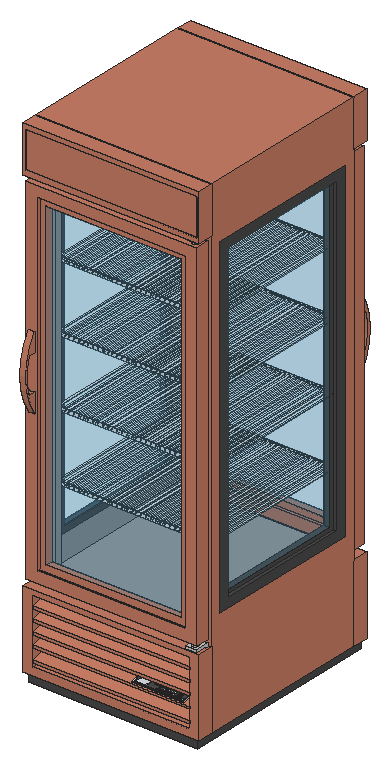
Revit family "QF_TRUE_G4SM-23PT-HC~TSL01", category Specialty Equipment, Revit 2016 (continued)
Definition of nested family "G4SM-23PT-HC-TSL01"
  Forms (in)
    Extrusion 41, solid
      sketch origin (25.36862, 5.37817, 27.2823) x (-1, 0, 0) y (0, 0, 1)
        loop
          line (12.64714, -0.14812) -> (12.0901, -0.14812) -> (12.0901, -0.35188) -> (12.64714, -0.35188) -> (12.64714, -0.14812)
        loop
          line (13.39714, -0.14812) -> (12.8401, -0.14812) -> (12.8401, -0.35188) -> (13.39714, -0.35188) -> (13.39714, -0.14812)
        loop
          line (14.14714, -0.14812) -> (13.5901, -0.14812) -> (13.5901, -0.35188) -> (14.14714, -0.35188) -> (14.14714, -0.14812)
        loop
          line (14.89714, -0.14812) -> (14.3401, -0.14812) -> (14.3401, -0.35188) -> (14.89714, -0.35188) -> (14.89714, -0.14812)
        loop
          line (15.64714, -0.14812) -> (15.0901, -0.14812) -> (15.0901, -0.35188) -> (15.64714, -0.35188) -> (15.64714, -0.14812)
        loop
          line (16.39714, -0.14812) -> (15.8401, -0.14812) -> (15.8401, -0.35188) -> (16.39714, -0.35188) -> (16.39714, -0.14812)
        loop
          line (17.14714, -0.14812) -> (16.5901, -0.14812) -> (16.5901, -0.35188) -> (17.14714, -0.35188) -> (17.14714, -0.14812)
        loop
          line (17.89714, -0.14812) -> (17.3401, -0.14812) -> (17.3401, -0.35188) -> (17.89714, -0.35188) -> (17.89714, -0.14812)
        loop
          line (18.64714, -0.14812) -> (18.0901, -0.14812) -> (18.0901, -0.35188) -> (18.64714, -0.35188) -> (18.64714, -0.14812)
        loop
          line (19.39714, -0.14812) -> (18.8401, -0.14812) -> (18.8401, -0.35188) -> (19.39714, -0.35188) -> (19.39714, -0.14812)
        loop
          line (20.14714, -0.14812) -> (19.5901, -0.14812) -> (19.5901, -0.35188) -> (20.14714, -0.35188) -> (20.14714, -0.14812)
        loop
          line (20.89714, -0.14812) -> (20.3401, -0.14812) -> (20.3401, -0.35188) -> (20.89714, -0.35188) -> (20.89714, -0.14812)
        loop
          line (21.64714, -0.14812) -> (21.0901, -0.14812) -> (21.0901, -0.35188) -> (21.64714, -0.35188) -> (21.64714, -0.14812)
        loop
          line (22.39714, -0.14812) -> (21.8401, -0.14812) -> (21.8401, -0.35188) -> (22.39714, -0.35188) -> (22.39714, -0.14812)
        loop
          line (23.14714, -0.14812) -> (22.5901, -0.14812) -> (22.5901, -0.35188) -> (23.14714, -0.35188) -> (23.14714, -0.14812)
        loop
          line (11.3401, -0.14812) -> (11.3401, -0.35188) -> (11.89714, -0.35188) -> (11.89714, -0.14812) -> (11.3401, -0.14812)
        loop
          line (10.5901, -0.14812) -> (10.5901, -0.35188) -> (11.14714, -0.35188) -> (11.14714, -0.14812) -> (10.5901, -0.14812)
        loop
          line (9.8401, -0.14812) -> (9.8401, -0.35188) -> (10.39714, -0.35188) -> (10.39714, -0.14812) -> (9.8401, -0.14812)
        loop
          line (9.0901, -0.14812) -> (9.0901, -0.35188) -> (9.64714, -0.35188) -> (9.64714, -0.14812) -> (9.0901, -0.14812)
        loop
          line (8.3401, -0.14812) -> (8.3401, -0.35188) -> (8.89714, -0.35188) -> (8.89714, -0.14812) -> (8.3401, -0.14812)
        loop
          line (7.5901, -0.14812) -> (7.5901, -0.35188) -> (8.14714, -0.35188) -> (8.14714, -0.14812) -> (7.5901, -0.14812)
        loop
          line (6.8401, -0.14812) -> (6.8401, -0.35188) -> (7.39714, -0.35188) -> (7.39714, -0.14812) -> (6.8401, -0.14812)
        loop
          line (6.0901, -0.14812) -> (6.0901, -0.35188) -> (6.64714, -0.35188) -> (6.64714, -0.14812) -> (6.0901, -0.14812)
        loop
          line (5.3401, -0.14812) -> (5.3401, -0.35188) -> (5.89714, -0.35188) -> (5.89714, -0.14812) -> (5.3401, -0.14812)
        loop
          line (4.5901, -0.14812) -> (4.5901, -0.35188) -> (5.14714, -0.35188) -> (5.14714, -0.14812) -> (4.5901, -0.14812)
        loop
          line (3.8401, -0.14812) -> (3.8401, -0.35188) -> (4.39714, -0.35188) -> (4.39714, -0.14812) -> (3.8401, -0.14812)
        loop
          line (3.0901, -0.14812) -> (3.0901, -0.35188) -> (3.64714, -0.35188) -> (3.64714, -0.14812) -> (3.0901, -0.14812)
        loop
          line (2.3401, -0.14812) -> (2.3401, -0.35188) -> (2.89714, -0.35188) -> (2.89714, -0.14812) -> (2.3401, -0.14812)
        loop
          line (1.5901, -0.14812) -> (1.5901, -0.35188) -> (2.14714, -0.35188) -> (2.14714, -0.14812) -> (1.5901, -0.14812)
        loop
          line (1.39714, -0.14812) -> (0.8401, -0.14812) -> (0.8401, -0.35188) -> (1.39714, -0.35188) -> (1.39714, -0.14812)
        loop
          line (0.64714, -0.14812) -> (0.0901, -0.14812) -> (0.0901, -0.35188) -> (0.64714, -0.35188) -> (0.64714, -0.14812)
      from 0 to -0.125
    Extrusion 42, solid
      sketch origin (1.99362, -18.69067, -24.42976) x (-1, 0, 0) y (0, 0, 1)
        loop
          circle (-10.99714, 51.38331) r 0.125
        loop
          circle (-10.24714, 51.38331) r 0.125
        loop
          circle (-9.49714, 51.38331) r 0.125
        loop
          circle (-8.74714, 51.38331) r 0.125
        loop
          circle (-7.99714, 51.38331) r 0.125
        loop
          circle (-7.24714, 51.38331) r 0.125
        loop
          circle (-6.49714, 51.38331) r 0.125
        loop
          circle (-5.74714, 51.38331) r 0.125
        loop
          circle (-4.99714, 51.38331) r 0.125
        loop
          circle (-4.24714, 51.38331) r 0.125
        loop
          circle (-3.49714, 51.38331) r 0.125
        loop
          circle (-2.74714, 51.38331) r 0.125
        loop
          circle (-1.99714, 51.38331) r 0.125
        loop
          circle (-1.24714, 51.38331) r 0.125
        loop
          circle (-0.49714, 51.38331) r 0.125
        loop
          circle (-11.75638, 51.38331) r 0.125
        loop
          circle (-12.50638, 51.38331) r 0.125
        loop
          circle (-13.25638, 51.38331) r 0.125
        loop
          circle (-14.00638, 51.38331) r 0.125
        loop
          circle (-14.75638, 51.38331) r 0.125
        loop
          circle (-15.50638, 51.38331) r 0.125
        loop
          circle (-16.25638, 51.38331) r 0.125
        loop
          circle (-17.00638, 51.38331) r 0.125
        loop
          circle (-17.75638, 51.38331) r 0.125
        loop
          circle (-18.50638, 51.38331) r 0.125
        loop
          circle (-19.25638, 51.38331) r 0.125
        loop
          circle (-20.00638, 51.38331) r 0.125
        loop
          circle (-20.75638, 51.38331) r 0.125
        loop
          circle (-21.50638, 51.38331) r 0.125
        loop
          circle (0.375, 51.38331) r 0.125
        loop
          circle (-22.30501, 51.38331) r 0.125
        loop
          circle (-23.01563, 51.38331) r 0.125
        loop
          circle (-23.88776, 51.38331) r 0.125
      from 0.125 to 23.94067
    Extrusion 43, solid
      sketch origin (1.99362, -18.69067, 6.97964) x (-1, 0, 0) y (0, 0, 1)
        loop
          line (0.5, 51.21206) -> (0.5, 51.71206) -> (-24.01276, 51.71206) -> (-24.01276, 51.21206) -> (0.5, 51.21206)
        loop
          line (-10.72786, 51.56394) -> (-11.2849, 51.56394) -> (-11.2849, 51.36019) -> (-10.72786, 51.36019) -> (-10.72786, 51.56394)
        loop
          line (-9.97786, 51.56394) -> (-10.5349, 51.56394) -> (-10.5349, 51.36019) -> (-9.97786, 51.36019) -> (-9.97786, 51.56394)
        loop
          line (-9.22786, 51.56394) -> (-9.7849, 51.56394) -> (-9.7849, 51.36019) -> (-9.22786, 51.36019) -> (-9.22786, 51.56394)
        loop
          line (-8.47786, 51.56394) -> (-9.0349, 51.56394) -> (-9.0349, 51.36019) -> (-8.47786, 51.36019) -> (-8.47786, 51.56394)
        loop
          line (-7.72786, 51.56394) -> (-8.2849, 51.56394) -> (-8.2849, 51.36019) -> (-7.72786, 51.36019) -> (-7.72786, 51.56394)
        loop
          line (-6.97786, 51.56394) -> (-7.5349, 51.56394) -> (-7.5349, 51.36019) -> (-6.97786, 51.36019) -> (-6.97786, 51.56394)
        loop
          line (-6.22786, 51.56394) -> (-6.7849, 51.56394) -> (-6.7849, 51.36019) -> (-6.22786, 51.36019) -> (-6.22786, 51.56394)
        loop
          line (-5.47786, 51.56394) -> (-6.0349, 51.56394) -> (-6.0349, 51.36019) -> (-5.47786, 51.36019) -> (-5.47786, 51.56394)
        loop
          line (-4.72786, 51.56394) -> (-5.2849, 51.56394) -> (-5.2849, 51.36019) -> (-4.72786, 51.36019) -> (-4.72786, 51.56394)
        loop
          line (-3.97786, 51.56394) -> (-4.5349, 51.56394) -> (-4.5349, 51.36019) -> (-3.97786, 51.36019) -> (-3.97786, 51.56394)
        loop
          line (-3.22786, 51.56394) -> (-3.7849, 51.56394) -> (-3.7849, 51.36019) -> (-3.22786, 51.36019) -> (-3.22786, 51.56394)
        loop
          line (-2.47786, 51.56394) -> (-3.0349, 51.56394) -> (-3.0349, 51.36019) -> (-2.47786, 51.36019) -> (-2.47786, 51.56394)
        loop
          line (-1.72786, 51.56394) -> (-2.2849, 51.56394) -> (-2.2849, 51.36019) -> (-1.72786, 51.36019) -> (-1.72786, 51.56394)
        loop
          line (-0.97786, 51.56394) -> (-1.5349, 51.56394) -> (-1.5349, 51.36019) -> (-0.97786, 51.36019) -> (-0.97786, 51.56394)
        loop
          line (-0.22786, 51.56394) -> (-0.7849, 51.56394) -> (-0.7849, 51.36019) -> (-0.22786, 51.36019) -> (-0.22786, 51.56394)
        loop
          line (-12.0349, 51.56394) -> (-12.0349, 51.36019) -> (-11.47786, 51.36019) -> (-11.47786, 51.56394) -> (-12.0349, 51.56394)
        loop
          line (-12.7849, 51.56394) -> (-12.7849, 51.36019) -> (-12.22786, 51.36019) -> (-12.22786, 51.56394) -> (-12.7849, 51.56394)
        loop
          line (-13.5349, 51.56394) -> (-13.5349, 51.36019) -> (-12.97786, 51.36019) -> (-12.97786, 51.56394) -> (-13.5349, 51.56394)
        loop
          line (-14.2849, 51.56394) -> (-14.2849, 51.36019) -> (-13.72786, 51.36019) -> (-13.72786, 51.56394) -> (-14.2849, 51.56394)
        loop
          line (-15.0349, 51.56394) -> (-15.0349, 51.36019) -> (-14.47786, 51.36019) -> (-14.47786, 51.56394) -> (-15.0349, 51.56394)
        loop
          line (-15.7849, 51.56394) -> (-15.7849, 51.36019) -> (-15.22786, 51.36019) -> (-15.22786, 51.56394) -> (-15.7849, 51.56394)
        loop
          line (-16.5349, 51.56394) -> (-16.5349, 51.36019) -> (-15.97786, 51.36019) -> (-15.97786, 51.56394) -> (-16.5349, 51.56394)
        loop
          line (-17.2849, 51.56394) -> (-17.2849, 51.36019) -> (-16.72786, 51.36019) -> (-16.72786, 51.56394) -> (-17.2849, 51.56394)
        loop
          line (-18.0349, 51.56394) -> (-18.0349, 51.36019) -> (-17.47786, 51.36019) -> (-17.47786, 51.56394) -> (-18.0349, 51.56394)
        loop
          line (-18.7849, 51.56394) -> (-18.7849, 51.36019) -> (-18.22786, 51.36019) -> (-18.22786, 51.56394) -> (-18.7849, 51.56394)
        loop
          line (-19.5349, 51.56394) -> (-19.5349, 51.36019) -> (-18.97786, 51.36019) -> (-18.97786, 51.56394) -> (-19.5349, 51.56394)
        loop
          line (-20.2849, 51.56394) -> (-20.2849, 51.36019) -> (-19.72786, 51.36019) -> (-19.72786, 51.56394) -> (-20.2849, 51.56394)
        loop
          line (-21.0349, 51.56394) -> (-21.0349, 51.36019) -> (-20.47786, 51.36019) -> (-20.47786, 51.56394) -> (-21.0349, 51.56394)
        loop
          line (-21.7849, 51.56394) -> (-21.7849, 51.36019) -> (-21.22786, 51.36019) -> (-21.22786, 51.56394) -> (-21.7849, 51.56394)
        loop
          line (-22.5349, 51.56394) -> (-22.5349, 51.36019) -> (-21.97786, 51.36019) -> (-21.97786, 51.56394) -> (-22.5349, 51.56394)
        loop
          line (-23.2849, 51.56394) -> (-23.2849, 51.36019) -> (-22.72786, 51.36019) -> (-22.72786, 51.56394) -> (-23.2849, 51.56394)
      from 0 to 0.125
    Extrusion 44, solid
      sketch origin (25.36862, 5.37817, 58.6917) x (-1, 0, 0) y (0, 0, 1)
        loop
          line (23.875, -0.5) -> (23.875, 0) -> (-0.63776, 0) -> (-0.63776, -0.5) -> (23.875, -0.5)
        loop
          line (12.64714, -0.14812) -> (12.0901, -0.14812) -> (12.0901, -0.35188) -> (12.64714, -0.35188) -> (12.64714, -0.14812)
        loop
          line (13.39714, -0.14812) -> (12.8401, -0.14812) -> (12.8401, -0.35188) -> (13.39714, -0.35188) -> (13.39714, -0.14812)
        loop
          line (14.14714, -0.14812) -> (13.5901, -0.14812) -> (13.5901, -0.35188) -> (14.14714, -0.35188) -> (14.14714, -0.14812)
        loop
          line (14.89714, -0.14812) -> (14.3401, -0.14812) -> (14.3401, -0.35188) -> (14.89714, -0.35188) -> (14.89714, -0.14812)
        loop
          line (15.64714, -0.14812) -> (15.0901, -0.14812) -> (15.0901, -0.35188) -> (15.64714, -0.35188) -> (15.64714, -0.14812)
        loop
          line (16.39714, -0.14812) -> (15.8401, -0.14812) -> (15.8401, -0.35188) -> (16.39714, -0.35188) -> (16.39714, -0.14812)
        loop
          line (17.14714, -0.14812) -> (16.5901, -0.14812) -> (16.5901, -0.35188) -> (17.14714, -0.35188) -> (17.14714, -0.14812)
        loop
          line (17.89714, -0.14812) -> (17.3401, -0.14812) -> (17.3401, -0.35188) -> (17.89714, -0.35188) -> (17.89714, -0.14812)
        loop
          line (18.64714, -0.14812) -> (18.0901, -0.14812) -> (18.0901, -0.35188) -> (18.64714, -0.35188) -> (18.64714, -0.14812)
        loop
          line (19.39714, -0.14812) -> (18.8401, -0.14812) -> (18.8401, -0.35188) -> (19.39714, -0.35188) -> (19.39714, -0.14812)
        loop
          line (20.14714, -0.14812) -> (19.5901, -0.14812) -> (19.5901, -0.35188) -> (20.14714, -0.35188) -> (20.14714, -0.14812)
        loop
          line (20.89714, -0.14812) -> (20.3401, -0.14812) -> (20.3401, -0.35188) -> (20.89714, -0.35188) -> (20.89714, -0.14812)
        loop
          line (21.64714, -0.14812) -> (21.0901, -0.14812) -> (21.0901, -0.35188) -> (21.64714, -0.35188) -> (21.64714, -0.14812)
        loop
          line (22.39714, -0.14812) -> (21.8401, -0.14812) -> (21.8401, -0.35188) -> (22.39714, -0.35188) -> (22.39714, -0.14812)
        loop
          line (23.14714, -0.14812) -> (22.5901, -0.14812) -> (22.5901, -0.35188) -> (23.14714, -0.35188) -> (23.14714, -0.14812)
        loop
          line (11.3401, -0.14812) -> (11.3401, -0.35188) -> (11.89714, -0.35188) -> (11.89714, -0.14812) -> (11.3401, -0.14812)
        loop
          line (10.5901, -0.14812) -> (10.5901, -0.35188) -> (11.14714, -0.35188) -> (11.14714, -0.14812) -> (10.5901, -0.14812)
        loop
          line (9.8401, -0.14812) -> (9.8401, -0.35188) -> (10.39714, -0.35188) -> (10.39714, -0.14812) -> (9.8401, -0.14812)
        loop
          line (9.0901, -0.14812) -> (9.0901, -0.35188) -> (9.64714, -0.35188) -> (9.64714, -0.14812) -> (9.0901, -0.14812)
        loop
          line (8.3401, -0.14812) -> (8.3401, -0.35188) -> (8.89714, -0.35188) -> (8.89714, -0.14812) -> (8.3401, -0.14812)
        loop
          line (7.5901, -0.14812) -> (7.5901, -0.35188) -> (8.14714, -0.35188) -> (8.14714, -0.14812) -> (7.5901, -0.14812)
        loop
          line (6.8401, -0.14812) -> (6.8401, -0.35188) -> (7.39714, -0.35188) -> (7.39714, -0.14812) -> (6.8401, -0.14812)
        loop
          line (6.0901, -0.14812) -> (6.0901, -0.35188) -> (6.64714, -0.35188) -> (6.64714, -0.14812) -> (6.0901, -0.14812)
        loop
          line (5.3401, -0.14812) -> (5.3401, -0.35188) -> (5.89714, -0.35188) -> (5.89714, -0.14812) -> (5.3401, -0.14812)
        loop
          line (4.5901, -0.14812) -> (4.5901, -0.35188) -> (5.14714, -0.35188) -> (5.14714, -0.14812) -> (4.5901, -0.14812)
        loop
          line (3.8401, -0.14812) -> (3.8401, -0.35188) -> (4.39714, -0.35188) -> (4.39714, -0.14812) -> (3.8401, -0.14812)
        loop
          line (3.0901, -0.14812) -> (3.0901, -0.35188) -> (3.64714, -0.35188) -> (3.64714, -0.14812) -> (3.0901, -0.14812)
        loop
          line (2.3401, -0.14812) -> (2.3401, -0.35188) -> (2.89714, -0.35188) -> (2.89714, -0.14812) -> (2.3401, -0.14812)
        loop
          line (1.5901, -0.14812) -> (1.5901, -0.35188) -> (2.14714, -0.35188) -> (2.14714, -0.14812) -> (1.5901, -0.14812)
        loop
          line (1.39714, -0.14812) -> (0.8401, -0.14812) -> (0.8401, -0.35188) -> (1.39714, -0.35188) -> (1.39714, -0.14812)
        loop
          line (0.64714, -0.14812) -> (0.0901, -0.14812) -> (0.0901, -0.35188) -> (0.64714, -0.35188) -> (0.64714, -0.14812)
      from 0 to -0.125
    Extrusion 45, solid
      sketch origin (1.99362, -18.69067, 6.97964) x (-1, 0, 0) y (0, 0, 1)
        loop
          circle (-10.99714, 51.38331) r 0.125
        loop
          circle (-10.24714, 51.38331) r 0.125
        loop
          circle (-9.49714, 51.38331) r 0.125
        loop
          circle (-8.74714, 51.38331) r 0.125
        loop
          circle (-7.99714, 51.38331) r 0.125
        loop
          circle (-7.24714, 51.38331) r 0.125
        loop
          circle (-6.49714, 51.38331) r 0.125
        loop
          circle (-5.74714, 51.38331) r 0.125
        loop
          circle (-4.99714, 51.38331) r 0.125
        loop
          circle (-4.24714, 51.38331) r 0.125
        loop
          circle (-3.49714, 51.38331) r 0.125
        loop
          circle (-2.74714, 51.38331) r 0.125
        loop
          circle (-1.99714, 51.38331) r 0.125
        loop
          circle (-1.24714, 51.38331) r 0.125
        loop
          circle (-0.49714, 51.38331) r 0.125
        loop
          circle (-11.75638, 51.38331) r 0.125
        loop
          circle (-12.50638, 51.38331) r 0.125
        loop
          circle (-13.25638, 51.38331) r 0.125
        loop
          circle (-14.00638, 51.38331) r 0.125
        loop
          circle (-14.75638, 51.38331) r 0.125
        loop
          circle (-15.50638, 51.38331) r 0.125
        loop
          circle (-16.25638, 51.38331) r 0.125
        loop
          circle (-17.00638, 51.38331) r 0.125
        loop
          circle (-17.75638, 51.38331) r 0.125
        loop
          circle (-18.50638, 51.38331) r 0.125
        loop
          circle (-19.25638, 51.38331) r 0.125
        loop
          circle (-20.00638, 51.38331) r 0.125
        loop
          circle (-20.75638, 51.38331) r 0.125
        loop
          circle (-21.50638, 51.38331) r 0.125
        loop
          circle (0.375, 51.38331) r 0.125
        loop
          circle (-22.30501, 51.38331) r 0.125
        loop
          circle (-23.01563, 51.38331) r 0.125
        loop
          circle (-23.88776, 51.38331) r 0.125
      from 0.125 to 23.94067
    Extrusion 46, solid, material <- "Body Finish"
      sketch origin (0, 7.21875, 0) x (1, 0, 0) y (0, 0, -1)
        loop
          line (27.5, -1.6875) -> (0, -1.6875) -> (0, -13.75) -> (27.5, -13.75) -> (27.5, -1.6875)
        loop
          line (0.375, -72.12512) -> (0.375, -77.875) -> (27.125, -77.875) -> (27.125, -72.12512) -> (0.375, -72.12512)
        loop
          line (27.5, -71.37512) -> (0, -71.37512) -> (0, -78.625) -> (27.5, -78.625) -> (27.5, -71.37512)
      from 0 to 2.5
    Extrusion 47, solid, material <- "Body Finish"
      sketch origin (-25.125, 10.84375, -0.71875) x (1, 0, 0) y (0, 0, 1)
        loop
          line (25.5, 71.38048) -> (25.5, 15.53125) -> (52.25, 15.53125) -> (52.25, 71.38048) -> (25.5, 71.38048)
        loop
          line (27.25, 69.63048) -> (27.25, 17.28125) -> (50.5, 17.28125) -> (50.5, 69.63048) -> (27.25, 69.63048)
      from 31.641 to 33.75
    Extrusion 48, solid
      sketch origin (-25.125, -24.15625, -0.71875) x (1, 0, 0) y (0, 0, -1)
        loop
          line (25.5, -78.59375) -> (52.25, -78.59375) -> (52.25, -72.84387) -> (25.5, -72.84387) -> (25.5, -78.59375)
      from 31.641 to 33.75
    Extrusion 49, solid, material <- "Body Finish"
      sketch origin (-25.125, -24.15625, -0.71875) x (1, 0, 0) y (0, 0, -1)
        loop
          line (25.5, -71.38048) -> (52.25, -71.38048) -> (52.25, -15.53125) -> (25.5, -15.53125) -> (25.5, -71.38048)
        loop
          line (27.25, -69.63048) -> (50.5, -69.63048) -> (50.5, -17.28125) -> (27.25, -17.28125) -> (27.25, -69.63048)
      from 31.641 to 33.75
  Cuts and joins
    Extrusion 12 cuts Extrusion 3
  Lines and regions (in)
    sketch lines
      curve 1: line (26.1875, -18.03125, 18.91173) -> (26.1875, 4.25, 18.91173)
      curve 2: line (26.1875, 4.25, 68.91173) -> (26.1875, -18.03125, 68.91173)
      curve 3: line (26.1875, -18.03125, 68.91173) -> (26.1875, -18.03125, 18.91173)
      curve 4: line (26.1875, 4.25, 18.91173) -> (26.1875, 4.25, 68.91173)
      curve 5: line (1.3125, -18.03125, 18.91173) -> (1.3125, 4.25, 18.91173)
      curve 6: line (1.3125, 4.25, 68.91173) -> (1.3125, -18.03125, 68.91173)
      curve 7: line (1.3125, -18.03125, 68.91173) -> (1.3125, -18.03125, 18.91173)
      curve 8: line (1.3125, 4.25, 18.91173) -> (1.3125, 4.25, 68.91173)
    symbolic lines
      curve 9: line (27.5, 9.59936, 0) -> (27.5, -23.03125, 0)
      curve 10: line (27.5, -23.03125, 0) -> (0.00028, -23.03125, 0)
      curve 11: line (0, -22.91186, 0) -> (0, 9.71875, 0)
      curve 12: line (27.5, -20.53125, 0) -> (0, -20.53125, 0)
      curve 13: line (27.5, 5.25, 0) -> (27.625, 5.25, 0)
      curve 14: line (27.625, 5.25, 0) -> (27.625, -19.03125, 0)
      curve 15: line (27.625, -19.03125, 0) -> (27.5, -19.03125, 0)
      curve 16: line (0, -19.03125, 0) -> (-0.125, -19.03125, 0)
      curve 17: line (-0.125, -19.03125, 0) -> (-0.125, 5.25, 0)
      curve 18: line (-0.125, 5.25, 0) -> (0, 5.25, 0)
      curve 19: line (0, 7.21875, 0) -> (27.5, 7.21875, 0)
      curve 20: line (0, 9.71875, 0) -> (27.49972, 9.71875, 0)
      curve 21: line (0.82942, -24.65635, 0) -> (0.82942, -23.03125, 0)
      curve 22: line (0.82942, -24.65635, 0) -> (1.67618, -24.65635, 0)
      curve 23: line (1.67618, -24.65635, 0) -> (1.67618, -23.03125, 0)
      curve 24: line (26.6703, 11.34385, 0) -> (26.6703, 9.71875, 0)
      curve 25: line (26.6703, 11.34385, 0) -> (25.82354, 11.34385, 0)
      curve 26: line (25.82354, 11.34385, 0) -> (25.82354, 9.71875, 0)
      curve 27: line (27.125, -23.03125, 0) -> (4.63822, -36.014, 0)
      curve 28: arc (0.375, -22.90625, 0) -> (1.63575, -29.74336, 0) -> (4.63822, -36.014, 0) r 26.39092
      curve 29: line (0.375, 9.71875, 0) -> (22.86178, 22.7015, 0)
      curve 30: arc (27.125, 9.59375, 0) -> (25.86425, 16.43086, 0) -> (22.86178, 22.7015, 0) r 26.39092
  Dimensions and locks (in)
    plane 7 "Top" to level = 78 5/8"  (x3)
    plane 4 "RIGHT" to plane 3 "LEFT" = 27 1/2"  (x2)
    plane 5 "FRONT" to plane 1 "BACK" = 34 3/8"
    plane 2 to plane 7 "Top" = 78 5/8"
    plane 1 "BACK" to plane 9 = 32 3/4"
    plane 9 to plane 1 "BACK" = 32 3/4"  (x2)
    plane 1 "BACK" to plane 5 "FRONT" = 34 3/8"
    Extrusion 7 to level = 5/16"
    Extrusion 8 to Extrusion 7 = 1 3/8"
    plane 3 "LEFT" to plane 4 "RIGHT" = 27 1/2"
    equal spacing: plane 1 "BACK", plane 10, plane 9
    plane 5 "FRONT" to plane 11 = 36"
    equal spacing: plane 3 "LEFT", plane 12, plane 4 "RIGHT"
    plane 19 to plane 9 = 24 15/16"
    plane 20 to plane 1 "BACK" = 24 15/16"
    plane 20 to plane 19 = 82 5/8"
    aligned and locked: level to plane 2
    aligned: Extrusion 4 to Extrusion 2  (x5)
    aligned: Extrusion 4 sketch curve to Extrusion 2
    aligned: Extrusion 4 sketch curve to Extrusion 11
    aligned and locked: Extrusion 4 sketch curve to Extrusion 11  (x3)
    aligned: Extrusion 7 to level
    aligned and locked: cut or joined group of Extrusion 3, Extrusion 12 to Extrusion 8
    aligned: Extrusion 18 sketch curve to Extrusion 21
    aligned and locked: Extrusion 18 sketch curve to Extrusion 21  (x3)
  Automatic sketch dimensions
    plane 14 to Extrusion 32 sketch curve = 13.07526"
    Extrusion 32 sketch curve to Extrusion 32 sketch curve = 1.47786"
    Extrusion 32 sketch curve to Extrusion 32 sketch curve = 0.55703"  (x28)
    Extrusion 32 sketch curve to Extrusion 32 sketch curve = 0.19297"  (x30)
    plane 14 to Extrusion 32 sketch curve = 0.54036"
    Extrusion 32 sketch curve to plane 14 = 0.20964"
    Extrusion 32 sketch curve to Extrusion 32 sketch curve = 0.72786"  (x2)
    Extrusion 32 sketch curve to Extrusion 32 sketch curve = 0.14812"  (x2)
    Extrusion 32 sketch curve to Extrusion 32 sketch curve = 0"  (x32)
    Extrusion 32 sketch curve to Extrusion 32 sketch curve = 0.20375"  (x28)
    Extrusion 32 sketch curve to Extrusion 32 sketch curve = 1/2"
    plane 15 to Extrusion 35 sketch curve = 13.07526"
    Extrusion 35 sketch curve to Extrusion 35 sketch curve = 1.47786"
    Extrusion 35 sketch curve to Extrusion 35 sketch curve = 0.55703"  (x28)
    Extrusion 35 sketch curve to Extrusion 35 sketch curve = 0.19297"  (x30)
    plane 15 to Extrusion 35 sketch curve = 0.54036"
    Extrusion 35 sketch curve to plane 15 = 0.20964"
    Extrusion 35 sketch curve to Extrusion 35 sketch curve = 0.72786"  (x2)
    Extrusion 35 sketch curve to Extrusion 35 sketch curve = 0.14812"  (x2)
    Extrusion 35 sketch curve to Extrusion 35 sketch curve = 0"  (x32)
    Extrusion 35 sketch curve to Extrusion 35 sketch curve = 0.20375"  (x28)
    Extrusion 35 sketch curve to Extrusion 35 sketch curve = 1/2"
    Extrusion 31 sketch curve to Extrusion 31 sketch curve = 0.72786"  (x2)
    Extrusion 31 sketch curve to Extrusion 31 sketch curve = 0.55703"  (x31)
    Extrusion 31 sketch curve to Extrusion 31 sketch curve = 0.19297"  (x30)
    Extrusion 31 sketch curve to Extrusion 31 sketch curve = 0.14812"  (x3)
    Extrusion 31 sketch curve to Extrusion 31 sketch curve = 0"  (x30)
    Extrusion 31 sketch curve to Extrusion 31 sketch curve = 0.20375"  (x29)
    Extrusion 31 sketch curve to Extrusion 31 sketch curve = 1/2"
    Extrusion 31 to Extrusion 33 sketch curve = 0.02312"  (x33)
    Extrusion 33 sketch curve to Extrusion 31 = 1/8"  (x2)
    Extrusion 31 to Extrusion 33 sketch curve = 0.26927"  (x16)
    Extrusion 31 to Extrusion 33 sketch curve = 0.22988"
    Extrusion 31 to Extrusion 33 sketch curve = 0.27852"  (x14)
    Extrusion 34 sketch curve to Extrusion 34 sketch curve = 0.72786"  (x2)
    Extrusion 34 sketch curve to Extrusion 34 sketch curve = 0.55703"  (x31)
    Extrusion 34 sketch curve to Extrusion 34 sketch curve = 0.19297"  (x30)
    Extrusion 34 sketch curve to Extrusion 34 sketch curve = 0.14812"  (x3)
    Extrusion 34 sketch curve to Extrusion 34 sketch curve = 0"  (x30)
    Extrusion 34 sketch curve to Extrusion 34 sketch curve = 0.20375"  (x29)
    Extrusion 34 sketch curve to Extrusion 34 sketch curve = 1/2"
    Extrusion 34 to Extrusion 36 sketch curve = 0.02312"  (x33)
    Extrusion 36 sketch curve to Extrusion 34 = 1/8"  (x2)
    Extrusion 34 to Extrusion 36 sketch curve = 0.26927"  (x16)
    Extrusion 34 to Extrusion 36 sketch curve = 0.22988"
    Extrusion 34 to Extrusion 36 sketch curve = 0.27852"  (x14)
    plane 16 to Extrusion 38 sketch curve = 13.07526"
    Extrusion 38 sketch curve to Extrusion 38 sketch curve = 1.47786"
    Extrusion 38 sketch curve to Extrusion 38 sketch curve = 0.55703"  (x28)
    Extrusion 38 sketch curve to Extrusion 38 sketch curve = 0.19297"  (x30)
    plane 16 to Extrusion 38 sketch curve = 0.54036"
    Extrusion 38 sketch curve to plane 16 = 0.20964"
    Extrusion 38 sketch curve to Extrusion 38 sketch curve = 0.72786"  (x2)
    Extrusion 38 sketch curve to Extrusion 38 sketch curve = 0.14812"  (x2)
    Extrusion 38 sketch curve to Extrusion 38 sketch curve = 0"  (x32)
    Extrusion 38 sketch curve to Extrusion 38 sketch curve = 0.20375"  (x28)
    Extrusion 38 sketch curve to Extrusion 38 sketch curve = 1/2"
    Extrusion 37 sketch curve to Extrusion 37 sketch curve = 0.72786"  (x2)
    Extrusion 37 sketch curve to Extrusion 37 sketch curve = 0.55703"  (x31)
    Extrusion 37 sketch curve to Extrusion 37 sketch curve = 0.19297"  (x30)
    Extrusion 37 sketch curve to Extrusion 37 sketch curve = 0.14812"  (x3)
    Extrusion 37 sketch curve to Extrusion 37 sketch curve = 0"  (x30)
    Extrusion 37 sketch curve to Extrusion 37 sketch curve = 0.20375"  (x29)
    Extrusion 37 sketch curve to Extrusion 37 sketch curve = 1/2"
    Extrusion 37 to Extrusion 39 sketch curve = 0.02312"  (x33)
    Extrusion 39 sketch curve to Extrusion 37 = 1/8"  (x2)
    Extrusion 37 to Extrusion 39 sketch curve = 0.26927"  (x16)
    Extrusion 37 to Extrusion 39 sketch curve = 0.22988"
    Extrusion 37 to Extrusion 39 sketch curve = 0.27852"  (x14)
    plane 17 to Extrusion 41 sketch curve = 13.07526"
    Extrusion 41 sketch curve to Extrusion 41 sketch curve = 1.47786"
    Extrusion 41 sketch curve to Extrusion 41 sketch curve = 0.55703"  (x28)
    Extrusion 41 sketch curve to Extrusion 41 sketch curve = 0.19297"  (x30)
    plane 17 to Extrusion 41 sketch curve = 0.54036"
    Extrusion 41 sketch curve to plane 17 = 0.20964"
    Extrusion 41 sketch curve to Extrusion 41 sketch curve = 0.72786"  (x2)
    Extrusion 41 sketch curve to Extrusion 41 sketch curve = 0.14812"  (x2)
    Extrusion 41 sketch curve to Extrusion 41 sketch curve = 0"  (x32)
    Extrusion 41 sketch curve to Extrusion 41 sketch curve = 0.20375"  (x28)
    Extrusion 41 sketch curve to Extrusion 41 sketch curve = 1/2"
    Extrusion 40 sketch curve to Extrusion 40 sketch curve = 0.72786"  (x2)
    Extrusion 40 sketch curve to Extrusion 40 sketch curve = 0.55703"  (x31)
    Extrusion 40 sketch curve to Extrusion 40 sketch curve = 0.19297"  (x30)
    Extrusion 40 sketch curve to Extrusion 40 sketch curve = 0.14812"  (x3)
    Extrusion 40 sketch curve to Extrusion 40 sketch curve = 0"  (x30)
    Extrusion 40 sketch curve to Extrusion 40 sketch curve = 0.20375"  (x29)
    Extrusion 40 sketch curve to Extrusion 40 sketch curve = 1/2"
    Extrusion 40 to Extrusion 42 sketch curve = 0.02312"  (x33)
    Extrusion 42 sketch curve to Extrusion 40 = 1/8"  (x2)
    Extrusion 40 to Extrusion 42 sketch curve = 0.26927"  (x16)
    Extrusion 40 to Extrusion 42 sketch curve = 0.22988"
    Extrusion 40 to Extrusion 42 sketch curve = 0.27852"  (x14)
    plane 18 to Extrusion 44 sketch curve = 13.07526"
    Extrusion 44 sketch curve to Extrusion 44 sketch curve = 1.47786"
    Extrusion 44 sketch curve to Extrusion 44 sketch curve = 0.55703"  (x28)
    Extrusion 44 sketch curve to Extrusion 44 sketch curve = 0.19297"  (x30)
    plane 18 to Extrusion 44 sketch curve = 0.54036"
    Extrusion 44 sketch curve to plane 18 = 0.20964"
    Extrusion 44 sketch curve to Extrusion 44 sketch curve = 0.72786"  (x2)
    Extrusion 44 sketch curve to Extrusion 44 sketch curve = 0.14812"  (x2)
    Extrusion 44 sketch curve to Extrusion 44 sketch curve = 0"  (x32)
    Extrusion 44 sketch curve to Extrusion 44 sketch curve = 0.20375"  (x28)
    Extrusion 44 sketch curve to Extrusion 44 sketch curve = 1/2"
    Extrusion 43 sketch curve to Extrusion 43 sketch curve = 0.72786"  (x2)
    Extrusion 43 sketch curve to Extrusion 43 sketch curve = 0.55703"  (x31)
    Extrusion 43 sketch curve to Extrusion 43 sketch curve = 0.19297"  (x30)
    Extrusion 43 sketch curve to Extrusion 43 sketch curve = 0.14812"  (x3)
    Extrusion 43 sketch curve to Extrusion 43 sketch curve = 0"  (x30)
    Extrusion 43 sketch curve to Extrusion 43 sketch curve = 0.20375"  (x29)
    Extrusion 43 sketch curve to Extrusion 43 sketch curve = 1/2"
    Extrusion 43 to Extrusion 45 sketch curve = 0.02312"  (x33)
    Extrusion 45 sketch curve to Extrusion 43 = 1/8"  (x2)
    Extrusion 43 to Extrusion 45 sketch curve = 0.26927"  (x16)
    Extrusion 43 to Extrusion 45 sketch curve = 0.22988"
    Extrusion 43 to Extrusion 45 sketch curve = 0.27852"  (x14)
    curve 11 to plane 3 "LEFT" = 0"
    curve 10 to plane 9 = 0"
    plane 1 "BACK" to curve 29 = 0"
    curve 19 to plane 4 "RIGHT" = 0"
    curve 18 to plane 3 "LEFT" = 1/8"
    plane 3 "LEFT" to curve 30 = 0.76739"
    plane 5 "FRONT" to curve 22 = 0.0001"
    plane 3 "LEFT" to curve 22 = 0.82942"
    curve 21 to curve 22 = 0.84676"
    plane 3 "LEFT" to curve 27 = 4.63822"
    curve 29 to plane 4 "RIGHT" = 4.63822"
    curve 25 to plane 11 = 0.0001"
    curve 25 to plane 4 "RIGHT" = 1.67646"
    curve 25 to plane 4 "RIGHT" = 0.8297"
    curve 28 to plane 4 "RIGHT" = 0.76739"
    plane 4 "RIGHT" to curve 14 = 1/8"
    plane 5 "FRONT" to curve 27 = 11.35775"
    plane 9 to curve 28 = 1.4505"
    plane 9 to curve 17 = 4"
    curve 28 to curve 14 = 2.5495"
    plane 1 "BACK" to curve 17 = 4 15/32"
    plane 1 "BACK" to curve 14 = 4 15/32"
    plane 1 "BACK" to curve 30 = 1.4505"
    curve 29 to plane 11 = 11.35775"
    plane 3 "LEFT" to curve 10 = 0.00028"
    curve 11 to curve 29 = 3/8"
    plane 9 to curve 28 = 1/8"
    curve 27 to curve 9 = 3/8"
    plane 1 "BACK" to curve 30 = 1/8"
    curve 20 to plane 4 "RIGHT" = 0.00028"
    plane 9 to curve 11 = 0.11939"
    curve 28 to curve 12 = 1.0495"
    curve 13 to curve 19 = 1 31/32"
    plane 1 "BACK" to curve 9 = 0.11939"
    Extrusion 1 sketch curve to plane 9 = 0"  (x5)
    plane 9 to Extrusion 1 sketch curve = 1.95754"  (x3)
    Extrusion 1 sketch curve to Extrusion 1 sketch curve = 0"
    Extrusion 1 sketch curve to Extrusion 1 sketch curve = 0.54246"
    plane 8 to Extrusion 1 sketch curve = 1.37195"
    Extrusion 1 sketch curve to Extrusion 1 sketch curve = 0.38558"  (x8)
    plane 8 to Extrusion 1 sketch curve = 2.25303"
    Extrusion 1 sketch curve to Extrusion 1 sketch curve = 0.1944"
    Extrusion 1 sketch curve to Extrusion 1 sketch curve = 1.69319"  (x2)
    Extrusion 1 sketch curve to Extrusion 1 sketch curve = 1.44506"  (x6)
    Extrusion 1 sketch curve to Extrusion 1 sketch curve = 0.57676"
    plane 3 "LEFT" to Extrusion 2 sketch curve = 3/8"
    Extrusion 2 sketch curve to plane 4 "RIGHT" = 3/8"
    Extrusion 2 sketch curve to plane 7 "Top" = 6.49988"
    Extrusion 2 sketch curve to plane 7 "Top" = 3/4"
    Extrusion 3 sketch curve to plane 3 "LEFT" = 0"
    Extrusion 3 sketch curve to plane 4 "RIGHT" = 0"
    Extrusion 3 sketch curve to plane 7 "Top" = 0"
    plane 3 "LEFT" to Extrusion 3 sketch curve = 1 5/16"
    Extrusion 3 sketch curve to plane 4 "RIGHT" = 1 5/16"
    Extrusion 3 sketch curve to plane 7 "Top" = 7.96327"
    plane 8 to Extrusion 3 sketch curve = 12 5/8"
    Extrusion 3 sketch curve to plane 8 = 1/2"
    plane 9 to Extrusion 5 sketch curve = 0.42912"
    Extrusion 5 sketch curve to plane 4 "RIGHT" = 2.08597"
    Extrusion 5 sketch curve to plane 4 "RIGHT" = 0.67228"
    Extrusion 5 sketch curve to Extrusion 5 sketch curve = 2.07088"
    Extrusion 6 sketch curve to plane 4 "RIGHT" = 1 5/16"
    plane 9 to Extrusion 6 sketch curve = 1.07466"
    plane 3 "LEFT" to Extrusion 7 sketch curve = 1/2"
    Extrusion 7 sketch curve to plane 4 "RIGHT" = 1/2"
    level to Extrusion 7 sketch curve = 5/16"
    Extrusion 7 sketch curve to plane 8 = 1/2"
    Extrusion 3 to Extrusion 8 sketch curve = 0"  (x2)
    Extrusion 8 sketch curve to Extrusion 3 = 0"  (x4)
    Extrusion 8 sketch curve to Extrusion 3 = 3/8"  (x2)
    Extrusion 3 to Extrusion 8 sketch curve = 3/16"  (x2)
    Extrusion 8 sketch curve to Extrusion 3 = 1 1/4"
    Extrusion 8 sketch curve to Extrusion 3 = 1 13/16"
    Extrusion 8 sketch curve to Extrusion 3 = 1 1/16"
    Extrusion 8 sketch curve to Extrusion 3 = 0.71339"
    Extrusion 8 sketch curve to Extrusion 8 sketch curve = 3/4"
    Extrusion 8 sketch curve to Extrusion 3 = 3/4"
    plane 9 to Extrusion 9 sketch curve = 0.07764"
    Extrusion 9 sketch curve to Extrusion 9 sketch curve = 1 3/4"
    Extrusion 9 sketch curve to Extrusion 9 sketch curve = 1/2"
    plane 8 to Extrusion 9 sketch curve = 11 9/16"
    Extrusion 9 sketch curve to Extrusion 9 sketch curve = 0.16486"
    Extrusion 9 sketch curve to Extrusion 9 sketch curve = 0.57012"
    Extrusion 10 sketch curve to plane 4 "RIGHT" = 1 5/16"
    plane 9 to Extrusion 10 sketch curve = 0.96529"
    plane 3 "LEFT" to Extrusion 11 sketch curve = 2 1/8"
    Extrusion 11 sketch curve to Extrusion 11 sketch curve = 1"  (x4)
    Extrusion 11 sketch curve to plane 4 "RIGHT" = 3 1/8"
    plane 8 to Extrusion 11 sketch curve = 14 3/8"
    Extrusion 11 sketch curve to plane 7 "Top" = 10.71327"
    Extrusion 12 sketch curve to Extrusion 3 = 2 31/32"
    Extrusion 12 sketch curve to Extrusion 3 = 9.71327"
    Extrusion 12 sketch curve to Extrusion 3 = 2 1/2"
    Extrusion 3 to Extrusion 12 sketch curve = 17.22423"
    Sweep 13 sketch curve to profile plane = 0"
    profile plane to Sweep 13 sketch curve = 1/2"
    profile plane to Sweep 13 sketch curve = 1 7/16"
    Sweep 13 sketch curve to Sweep 13 sketch curve = 1/8"
    Sweep 13 sketch curve to Sweep 13 sketch curve = 5/8"
    Sweep 13 sketch curve to profile plane = 3/16"
    Sweep 13 sketch curve to profile plane = 1"
    profile plane to Sweep 13 sketch curve = 1"
    Sweep 14 sketch curve to profile plane = 0"
    profile plane to Sweep 14 sketch curve = 3/16"
    Sweep 14 sketch curve to profile plane = 13/16"
    Sweep 14 sketch curve to profile plane = 1 5/16"
    Sweep 14 sketch curve to Sweep 14 sketch curve = 1/8"
    Sweep 14 sketch curve to profile plane = 1"
    profile plane to Sweep 14 sketch curve = 1/2"
    Sweep 14 sketch curve to Sweep 14 sketch curve = 1"
    plane 3 "LEFT" to Extrusion 15 sketch curve = 1.49362"  (x2)
    Extrusion 15 sketch curve to Extrusion 15 sketch curve = 1"  (x8)
    Extrusion 15 sketch curve to plane 4 "RIGHT" = 2.32174"  (x2)
    plane 9 to Extrusion 15 sketch curve = 3.34058"  (x2)
    plane 1 "BACK" to Extrusion 15 sketch curve = 4.34058"  (x2)
    Extrusion 3 to Extrusion 16 sketch curve = 3 31/32"
    Extrusion 16 sketch curve to Extrusion 3 = 18.22423"
    Extrusion 3 to Extrusion 16 sketch curve = 10.71327"
    Extrusion 3 to Extrusion 16 sketch curve = 3 1/2"
    plane 1 "BACK" to Extrusion 17 sketch curve = 6 15/32"
    plane 8 to Extrusion 17 sketch curve = 17.72423"
    Extrusion 17 sketch curve to plane 7 "Top" = 10.71327"
    plane 9 to Extrusion 17 sketch curve = 6"
    Extrusion 18 sketch curve to plane 7 "Top" = 10.71327"
    plane 1 "BACK" to Extrusion 19 sketch curve = 0.42912"
    plane 3 "LEFT" to Extrusion 19 sketch curve = 2.08597"
    plane 3 "LEFT" to Extrusion 19 sketch curve = 0.67228"
    Extrusion 19 sketch curve to Extrusion 19 sketch curve = 2.07088"
    plane 3 "LEFT" to Extrusion 20 sketch curve = 1 5/16"
    plane 1 "BACK" to Extrusion 20 sketch curve = 1.07466"
    Extrusion 21 sketch curve to plane 4 "RIGHT" = 2 1/8"
    Extrusion 21 sketch curve to Extrusion 21 sketch curve = 1"  (x4)
    plane 3 "LEFT" to Extrusion 21 sketch curve = 3 1/8"
    plane 8 to Extrusion 21 sketch curve = 14 3/8"
    Extrusion 21 sketch curve to plane 7 "Top" = 10.71327"
    plane 12 to Extrusion 22 sketch curve = 0"
    plane 19 to Extrusion 23 sketch curve = 0"
    Extrusion 23 sketch curve to plane 13 = 0"
    plane 1 "BACK" to Extrusion 23 sketch curve = 1/8"
    Extrusion 23 sketch curve to plane 4 "RIGHT" = 3/8"  (x2)
    plane 9 to Extrusion 23 sketch curve = 1/8"
    Extrusion 23 sketch curve to plane 4 "RIGHT" = 0.76739"
    plane 3 "LEFT" to Extrusion 23 sketch curve = 0.76739"
    plane 3 "LEFT" to Extrusion 23 sketch curve = 3/8"  (x2)
    Extrusion 24 sketch curve to Extrusion 24 sketch curve = 0"  (x2)
    plane 9 to Extrusion 24 sketch curve = 1/8"  (x2)
    Extrusion 24 sketch curve to plane 7 "Top" = 28.6467"
    Extrusion 24 sketch curve to Extrusion 24 sketch curve = 3"  (x2)
    Extrusion 24 sketch curve to Extrusion 24 sketch curve = 2.76725"
    Extrusion 24 sketch curve to plane 10 = 7.62241"
    Extrusion 24 sketch curve to plane 5 "FRONT" = 0.63529"
    Extrusion 25 sketch curve to Extrusion 25 sketch curve = 0"  (x2)
    plane 1 "BACK" to Extrusion 25 sketch curve = 1/8"  (x2)
    Extrusion 25 sketch curve to plane 7 "Top" = 28.6467"
    Extrusion 25 sketch curve to Extrusion 25 sketch curve = 3"  (x2)
    Extrusion 25 sketch curve to Extrusion 25 sketch curve = 2.76725"
    plane 10 to Extrusion 25 sketch curve = 7.62354"
    plane 11 to Extrusion 25 sketch curve = 0.63513"
    plane 1 "BACK" to Extrusion 26 sketch curve = 0.42912"
    plane 3 "LEFT" to Extrusion 26 sketch curve = 2.08597"
    plane 3 "LEFT" to Extrusion 26 sketch curve = 0.67228"
    Extrusion 26 sketch curve to Extrusion 26 sketch curve = 2.07088"
    plane 3 "LEFT" to Extrusion 27 sketch curve = 1 5/16"
    plane 1 "BACK" to Extrusion 27 sketch curve = 1.07466"
    plane 1 "BACK" to Extrusion 28 sketch curve = 0.07764"
    Extrusion 28 sketch curve to Extrusion 28 sketch curve = 1 3/4"
    Extrusion 28 sketch curve to Extrusion 28 sketch curve = 1/2"
    plane 8 to Extrusion 28 sketch curve = 11 9/16"
    Extrusion 28 sketch curve to Extrusion 28 sketch curve = 0.16486"
    Extrusion 28 sketch curve to Extrusion 28 sketch curve = 0.57012"
    plane 3 "LEFT" to Extrusion 29 sketch curve = 1 5/16"
    plane 1 "BACK" to Extrusion 29 sketch curve = 0.96529"
    Extrusion 30 sketch curve to Extrusion 7 = 1.41421"  (x4)
    Extrusion 30 sketch curve to Extrusion 7 = 1.50546"  (x2)
    Extrusion 7 to Extrusion 30 sketch curve = 1.41421"  (x2)
    Extrusion 46 sketch curve to plane 3 "LEFT" = 0"  (x2)
    Extrusion 46 sketch curve to plane 4 "RIGHT" = 0"  (x2)
    Extrusion 46 sketch curve to plane 7 "Top" = 0"
    plane 3 "LEFT" to Extrusion 46 sketch curve = 3/8"
    Extrusion 46 sketch curve to plane 4 "RIGHT" = 3/8"
    Extrusion 46 sketch curve to plane 7 "Top" = 3/4"
    Extrusion 46 sketch curve to Extrusion 46 sketch curve = 5.74988"
    Extrusion 46 sketch curve to Extrusion 46 sketch curve = 3/4"
    plane 8 to Extrusion 46 sketch curve = 11 9/16"
    Extrusion 46 sketch curve to plane 8 = 1/2"
    plane 3 "LEFT" to Extrusion 47 sketch curve = 3/8"
    plane 3 "LEFT" to Extrusion 47 sketch curve = 2 1/8"
    Extrusion 47 sketch curve to plane 4 "RIGHT" = 2 1/8"
    Extrusion 47 sketch curve to plane 4 "RIGHT" = 3/8"
    plane 8 to Extrusion 47 sketch curve = 12 5/8"
    Extrusion 47 sketch curve to Extrusion 47 sketch curve = 1 3/4"  (x2)
    Extrusion 47 sketch curve to plane 7 "Top" = 9.71327"
    plane 3 "LEFT" to Extrusion 48 sketch curve = 3/8"
    Extrusion 48 sketch curve to plane 4 "RIGHT" = 3/8"
    Extrusion 48 sketch curve to plane 7 "Top" = 3/4"
    Extrusion 48 sketch curve to Extrusion 48 sketch curve = 5.74988"
    plane 3 "LEFT" to Extrusion 49 sketch curve = 3/8"
    plane 3 "LEFT" to Extrusion 49 sketch curve = 2 1/8"
    Extrusion 49 sketch curve to plane 4 "RIGHT" = 2 1/8"
    Extrusion 49 sketch curve to plane 4 "RIGHT" = 3/8"
    Extrusion 49 sketch curve to plane 7 "Top" = 7.96327"
    Extrusion 49 sketch curve to Extrusion 49 sketch curve = 1 3/4"  (x2)
    plane 8 to Extrusion 49 sketch curve = 14 3/8"
    plane 8 to Extrusion 22 sketch curve = 5 17/32"
    radius of Extrusion 33 sketch curve = 1/8"  (x33)
    radius of Extrusion 36 sketch curve = 1/8"  (x33)
    radius of Extrusion 39 sketch curve = 1/8"  (x33)
    radius of Extrusion 42 sketch curve = 1/8"  (x33)
    radius of Extrusion 45 sketch curve = 1/8"  (x33)
    radius of Extrusion 6 sketch curve = 1/2"
    radius of Extrusion 10 sketch curve = 1/2"
    radius of Extrusion 20 sketch curve = 1/2"
    radius of Extrusion 22 sketch curve = 1/4"
    radius of Extrusion 27 sketch curve = 1/2"
    radius of Extrusion 29 sketch curve = 1/2"
    radius of Extrusion 30 sketch curve = 3/4"  (x4)
  Nested families (in)
    nested 1: "QF_LOGO_TRUE" at (16.9, -22.79547, 6.10689), Show Logo <- "Show Logo", type "QF_LOGO_TRUE", detail levels medium+fine
      with Show Logo yes
  Definition of nested family "QF_LOGO_TRUE"
    Parameters (values of type "QF_LOGO_TRUE")
      Show Logo [instance] = yes
    Reference planes (in)
      plane 1 "Center (Front/Back)": y = 0
      plane 2: z = 0
      plane 3 "Center (Left/Right)": x = 0
    Forms (in)
      Extrusion 1, solid, visible <- "Show Logo"
        sketch origin (-78.34647, -17.21831, -42.9334) x (1, 0, 0) y (0, 0.943141, 0.332392)
          loop
            line (81.15226, 31.65456) -> (81.07353, 31.48573) -> (82.12083, 31.48573)
            arc (82.12083, 31.48573) -> (82.14208, 31.44814) -> (82.12083, 31.41055) r 0.04386
            line (82.12083, 31.41055) -> (81.84767, 30.82478)
            arc (81.84767, 30.82478) -> (81.84531, 30.77052) -> (81.882, 30.73048) r 0.07096
            line (81.882, 30.73048) -> (82.55165, 30.73048)
            arc (82.55165, 30.73048) -> (82.63621, 30.75714) -> (82.69019, 30.82748) r 0.14742
            line (82.69019, 30.82748) -> (82.90515, 31.28847) -> (83.10265, 31.28847)
            arc (83.10265, 31.28847) -> (83.15447, 31.26942) -> (83.14697, 31.21472) r 0.04405
            line (83.14697, 31.21472) -> (82.9671, 30.82899)
            arc (82.9671, 30.82899) -> (82.9699, 30.76493) -> (83.02398, 30.73048) r 0.06943
            line (83.02398, 30.73048) -> (83.6124, 30.73048)
            arc (83.6124, 30.73048) -> (83.65748, 30.74689) -> (83.68147, 30.78844) r 0.07014
            arc (83.68147, 30.78844) -> (83.69845, 30.74745) -> (83.73943, 30.73048) r 0.05796
            line (83.73943, 30.73048) -> (84.112, 30.73048)
            arc (84.112, 30.73048) -> (84.15504, 30.74201) -> (84.18655, 30.77352) r 0.08608
            arc (84.18655, 30.77352) -> (84.20164, 30.7371) -> (84.23806, 30.72202) r 0.0515
            line (84.23806, 30.72202) -> (84.76757, 30.72202)
            arc (84.76757, 30.72202) -> (84.81086, 30.73995) -> (84.8288, 30.78324) r 0.06122
            arc (84.8288, 30.78324) -> (84.86848, 30.74355) -> (84.92269, 30.72903) r 0.10842
            line (84.92269, 30.72903) -> (85.91461, 30.72903) -> (86.02479, 30.91987) -> (85.0243, 30.91987)
            arc (85.0243, 30.91987) -> (84.99669, 30.93902) -> (84.99566, 30.97261) r 0.03732
            line (84.99566, 30.97261) -> (85.01297, 31.00972)
            arc (85.01297, 31.00972) -> (85.03954, 31.04453) -> (85.0813, 31.05774) r 0.07263
            line (85.0813, 31.05774) -> (85.40289, 31.05774)
            arc (85.40289, 31.05774) -> (85.4723, 31.07633) -> (85.52311, 31.12715) r 0.13882
            line (85.52311, 31.12715) -> (85.61625, 31.28847)
            arc (85.61625, 31.28847) -> (85.61625, 31.37458) -> (85.54168, 31.41763) r 0.08611
            line (85.54168, 31.41763) -> (85.20227, 31.41763)
            arc (85.20227, 31.41763) -> (85.11574, 31.40294) -> (85.05538, 31.33923) r 0.13863
            line (85.05538, 31.33923) -> (84.89409, 30.99333)
            arc (84.89409, 30.99333) -> (84.84649, 30.9313) -> (84.77191, 30.90778) r 0.13002
            line (84.77191, 30.90778) -> (84.41984, 30.90778)
            arc (84.41984, 30.90778) -> (84.3777, 30.95378) -> (84.38042, 31.0161) r 0.08151
            line (84.38042, 31.0161) -> (84.56766, 31.41763) -> (84.44849, 31.41763) -> (84.25012, 30.99222)
            arc (84.25012, 30.99222) -> (84.21158, 30.94199) -> (84.15119, 30.92296) r 0.10527
            line (84.15119, 30.92296) -> (83.90842, 30.92296)
            arc (83.90842, 30.92296) -> (83.8674, 30.97642) -> (83.87619, 31.04323) r 0.08805
            line (83.87619, 31.04323) -> (84.05078, 31.41763) -> (83.92772, 31.41763) -> (83.72676, 30.98668)
            arc (83.72676, 30.98668) -> (83.68011, 30.94003) -> (83.61639, 30.92296) r 0.12745
            line (83.61639, 30.92296) -> (83.26484, 30.92296)
            arc (83.26484, 30.92296) -> (83.2017, 30.9524) -> (83.19563, 31.0218) r 0.06967
            line (83.19563, 31.0218) -> (83.31118, 31.26961) -> (83.47452, 31.26961)
            arc (83.47452, 31.26961) -> (83.50209, 31.35268) -> (83.56075, 31.41763) r 0.21289
            line (83.56075, 31.41763) -> (82.92244, 31.41763)
            arc (82.92244, 31.41763) -> (82.85151, 31.40191) -> (82.80242, 31.34834) r 0.12081
            line (82.80242, 31.34834) -> (82.6294, 30.9773)
            arc (82.6294, 30.9773) -> (82.58962, 30.93752) -> (82.53528, 30.92296) r 0.10869
            line (82.53528, 30.92296) -> (82.1542, 30.92296)
            arc (82.1542, 30.92296) -> (82.12446, 30.96315) -> (82.13012, 31.01283) r 0.06822
            line (82.13012, 31.01283) -> (82.38156, 31.48573) -> (83.01596, 31.48573) -> (83.09469, 31.65456) -> (82.46029, 31.65456) -> (82.53902, 31.8234) -> (82.31334, 31.8234) -> (82.23461, 31.65456) -> (81.15226, 31.65456)
          loop
            arc (85.15937, 31.26434) -> (85.13191, 31.25698) -> (85.1118, 31.23688) r 0.05494
            line (85.1118, 31.23688) -> (85.09547, 31.18665)
            arc (85.09547, 31.18665) -> (85.10304, 31.16837) -> (85.12133, 31.16079) r 0.02586
            line (85.12133, 31.16079) -> (85.39889, 31.16079)
            arc (85.39889, 31.16079) -> (85.41888, 31.16523) -> (85.43513, 31.1777) r 0.04731
            line (85.43513, 31.1777) -> (85.44863, 31.2402)
            arc (85.44863, 31.2402) -> (85.44466, 31.25693) -> (85.42914, 31.26434) r 0.01994
            line (85.42914, 31.26434) -> (85.15937, 31.26434)
          loop
            line (78.62961, 30.74125) -> (80.12032, 30.74125) -> (80.73891, 31.81268) -> (79.2482, 31.81268) -> (78.62961, 30.74125)
        from 34.76797 to 34.83173
      Extrusion 2, solid, visible <- "Show Logo"
        sketch origin (-142.84857, -19.90714, -43.86197) x (1, 0, 0) y (0, 0.943141, 0.332392)
          loop
            line (150.81107, 34.71978) -> (142.98607, 34.71978) -> (142.98607, 33.4921) -> (150.81107, 33.4921) -> (150.81107, 34.71978)
        from 34.75108 to 34.78125
      Extrusion 3, solid, visible <- "Show Logo"
        sketch origin (-142.84857, -19.90714, -43.86197) x (1, 0, 0) y (0, 0.943141, 0.332392)
          loop
            line (150.94857, 34.85727) -> (142.84857, 34.85727) -> (142.84857, 33.3546) -> (150.94857, 33.3546) -> (150.94857, 34.85727)
          loop
            line (142.98607, 34.71978) -> (142.98607, 33.4921) -> (150.81107, 33.4921) -> (150.81107, 34.71978) -> (142.98607, 34.71978)
        from 34.75108 to 34.81376
      Extrusion 4, solid, not visible
        sketch origin (121.45701, -16.5, 4.98235) x (1, 0, 0) y (0, 0, 1)
          loop
            line (25.20115, 35.89949) -> (25.20115, 33.96647) -> (30.95381, 33.96647) -> (30.95381, 35.89949) -> (25.20115, 35.89949)
        from 31.5 to 31.54261
      Extrusion 5, solid, not visible
        sketch origin (121.45701, -16.5, 4.98235) x (1, 0, 0) y (0, 0, 1)
          loop
            line (26.7387, 34.95472) -> (26.61492, 34.49276) -> (27.038, 34.49276)
            arc (27.038, 34.49276) -> (27.13117, 34.52484) -> (27.18485, 34.60749) r 0.15134
            arc (27.18485, 34.60749) -> (27.20396, 34.68138) -> (27.22435, 34.75493) r 4.37326
            arc (27.22435, 34.75493) -> (27.23458, 34.81765) -> (27.22435, 34.88037) r 0.1974
            arc (27.22435, 34.88037) -> (27.18247, 34.93579) -> (27.11563, 34.95472) r 0.10914
            line (27.11563, 34.95472) -> (26.7387, 34.95472)
          loop
            line (26.90201, 34.80638) -> (26.84645, 34.59903) -> (26.92855, 34.59903)
            arc (26.92855, 34.59903) -> (26.98205, 34.6185) -> (27.01051, 34.6678) r 0.08322
            line (27.01051, 34.6678) -> (27.02399, 34.74424)
            arc (27.02399, 34.74424) -> (27.01491, 34.78454) -> (26.97985, 34.80638) r 0.05353
            line (26.97985, 34.80638) -> (26.90201, 34.80638)
          loop
            line (27.45336, 34.66131) -> (27.76233, 34.66131) -> (27.78859, 34.73909)
            arc (27.78859, 34.73909) -> (27.7878, 34.82039) -> (27.73107, 34.87864) r 0.10925
            arc (27.73107, 34.87864) -> (27.68233, 34.8944) -> (27.63139, 34.89974) r 0.24595
            line (27.63139, 34.89974) -> (27.46708, 34.89974)
            arc (27.46708, 34.89974) -> (27.4068, 34.88073) -> (27.3535, 34.84677) r 0.2421
            arc (27.3535, 34.84677) -> (27.2897, 34.76363) -> (27.26702, 34.66131) r 0.2421
            line (27.26702, 34.66131) -> (27.26702, 34.54477)
            arc (27.26702, 34.54477) -> (27.31618, 34.4956) -> (27.38334, 34.47761) r 0.13431
            line (27.38334, 34.47761) -> (27.59054, 34.47761)
            arc (27.59054, 34.47761) -> (27.63459, 34.48281) -> (27.67622, 34.49812) r 0.18924
            line (27.67622, 34.49812) -> (27.73102, 34.61563)
            arc (27.73102, 34.61563) -> (27.68453, 34.59565) -> (27.63566, 34.58252) r 0.35376
            arc (27.63566, 34.58252) -> (27.55885, 34.56956) -> (27.48204, 34.58252) r 0.23415
            arc (27.48204, 34.58252) -> (27.44492, 34.61362) -> (27.45336, 34.66131) r 0.04838
          loop
            line (27.4842, 34.73042) -> (27.62012, 34.73042) -> (27.62621, 34.76496)
            arc (27.62621, 34.76496) -> (27.58961, 34.80242) -> (27.53739, 34.80638) r 0.0742
            arc (27.53739, 34.80638) -> (27.49747, 34.77773) -> (27.4842, 34.73042) r 0.0742
          loop
            line (27.91616, 34.97572) -> (27.78675, 34.49276) -> (27.98645, 34.49276) -> (28.11586, 34.97572) -> (27.91616, 34.97572)
          loop
            line (28.13678, 34.66131) -> (28.08755, 34.47761) -> (28.27134, 34.47761) -> (28.32056, 34.66131) -> (28.43674, 34.66131) -> (28.47974, 34.78864) -> (28.36519, 34.78864)
            arc (28.36519, 34.78864) -> (28.35733, 34.81649) -> (28.36921, 34.84288) r 0.04231
            arc (28.36921, 34.84288) -> (28.431, 34.8652) -> (28.49617, 34.85686) r 0.13988
            line (28.49617, 34.85686) -> (28.53544, 34.97317)
            arc (28.53544, 34.97317) -> (28.39725, 34.99096) -> (28.25905, 34.97317) r 0.54546
            arc (28.25905, 34.97317) -> (28.20849, 34.91994) -> (28.18197, 34.85147) r 0.1894
            line (28.18197, 34.85147) -> (28.17089, 34.78864) -> (28.11397, 34.78864) -> (28.07985, 34.66131) -> (28.13678, 34.66131)
          loop
            arc (28.74846, 34.89756) -> (28.65884, 34.88533) -> (28.56922, 34.89756) r 0.33455
            line (28.56922, 34.89756) -> (28.45669, 34.47761) -> (28.63593, 34.47761) -> (28.74846, 34.89756)
          loop
            arc (28.60398, 35.01195) -> (28.57699, 34.97173) -> (28.60398, 34.9315) r 0.04347
            line (28.60398, 34.9315) -> (28.75755, 34.9315)
            arc (28.75755, 34.9315) -> (28.78645, 34.96687) -> (28.77911, 35.01195) r 0.0556
            line (28.77911, 35.01195) -> (28.60398, 35.01195)
          loop
            line (28.95336, 34.66131) -> (29.26233, 34.66131) -> (29.28859, 34.73909)
            arc (29.28859, 34.73909) -> (29.2878, 34.82039) -> (29.23107, 34.87864) r 0.10925
            arc (29.23107, 34.87864) -> (29.18233, 34.8944) -> (29.13139, 34.89974) r 0.24595
            line (29.13139, 34.89974) -> (28.96708, 34.89974)
            arc (28.96708, 34.89974) -> (28.9068, 34.88073) -> (28.8535, 34.84677) r 0.2421
            arc (28.8535, 34.84677) -> (28.7897, 34.76363) -> (28.76702, 34.66131) r 0.2421
            line (28.76702, 34.66131) -> (28.76702, 34.54477)
            arc (28.76702, 34.54477) -> (28.81618, 34.4956) -> (28.88334, 34.47761) r 0.13431
            line (28.88334, 34.47761) -> (29.09054, 34.47761)
            arc (29.09054, 34.47761) -> (29.13459, 34.48281) -> (29.17622, 34.49812) r 0.18924
            line (29.17622, 34.49812) -> (29.23102, 34.61563)
            arc (29.23102, 34.61563) -> (29.18453, 34.59565) -> (29.13566, 34.58252) r 0.35376
            arc (29.13566, 34.58252) -> (29.05885, 34.56956) -> (28.98204, 34.58252) r 0.23415
            arc (28.98204, 34.58252) -> (28.94492, 34.61362) -> (28.95336, 34.66131) r 0.04838
          loop
            line (28.9842, 34.73042) -> (29.12012, 34.73042) -> (29.12621, 34.76496)
            arc (29.12621, 34.76496) -> (29.08961, 34.80242) -> (29.03739, 34.80638) r 0.0742
            arc (29.03739, 34.80638) -> (28.99747, 34.77773) -> (28.9842, 34.73042) r 0.0742
          loop
            line (29.41616, 34.97572) -> (29.28675, 34.49276) -> (29.48645, 34.49276) -> (29.61586, 34.97572) -> (29.41616, 34.97572)
          loop
            line (29.99836, 34.97572) -> (29.95192, 34.80242)
            arc (29.95192, 34.80242) -> (29.94473, 34.85705) -> (29.90102, 34.89059) r 0.07199
            arc (29.90102, 34.89059) -> (29.80023, 34.89941) -> (29.70251, 34.87322) r 0.29131
            arc (29.70251, 34.87322) -> (29.61806, 34.7652) -> (29.5896, 34.63108) r 0.30433
            line (29.5896, 34.63108) -> (29.5896, 34.55572)
            arc (29.5896, 34.55572) -> (29.61075, 34.50463) -> (29.66184, 34.48348) r 0.07224
            line (29.66184, 34.48348) -> (29.78537, 34.48348)
            arc (29.78537, 34.48348) -> (29.83854, 34.51313) -> (29.88504, 34.55243) r 0.31609
            line (29.88504, 34.55243) -> (29.86905, 34.49276) -> (30.05973, 34.49276) -> (30.18914, 34.97572) -> (29.99836, 34.97572)
          loop
            arc (29.84537, 34.75931) -> (29.79424, 34.71128) -> (29.77745, 34.64317) r 0.12371
            arc (29.77745, 34.64317) -> (29.80071, 34.59901) -> (29.85056, 34.59647) r 0.05045
            arc (29.85056, 34.59647) -> (29.90141, 34.64047) -> (29.92536, 34.7033) r 0.13769
            arc (29.92536, 34.7033) -> (29.90211, 34.75521) -> (29.84537, 34.75931) r 0.05543
          loop
            line (26.45047, 35.26762) -> (26.58211, 35.26762)
            arc (26.58211, 35.26762) -> (26.60467, 35.30821) -> (26.62126, 35.35157) r 0.3277
            arc (26.62126, 35.35157) -> (26.62714, 35.39992) -> (26.60877, 35.44503) r 0.09693
            arc (26.60877, 35.44503) -> (26.56454, 35.48868) -> (26.50462, 35.50516) r 0.12312
            arc (26.50462, 35.50516) -> (26.44158, 35.50565) -> (26.37854, 35.50546) r 5.76967
            arc (26.37854, 35.50546) -> (26.07462, 35.42923) -> (25.81045, 35.26076) r 0.97743
            line (25.81045, 35.26076) -> (25.85921, 35.26076)
            arc (25.85921, 35.26076) -> (26.08494, 35.39361) -> (26.3396, 35.45485) r 0.88817
            arc (26.3396, 35.45485) -> (26.41429, 35.44188) -> (26.47267, 35.39352) r 0.14748
            arc (26.47267, 35.39352) -> (26.48041, 35.32725) -> (26.45047, 35.26762) r 0.11636
